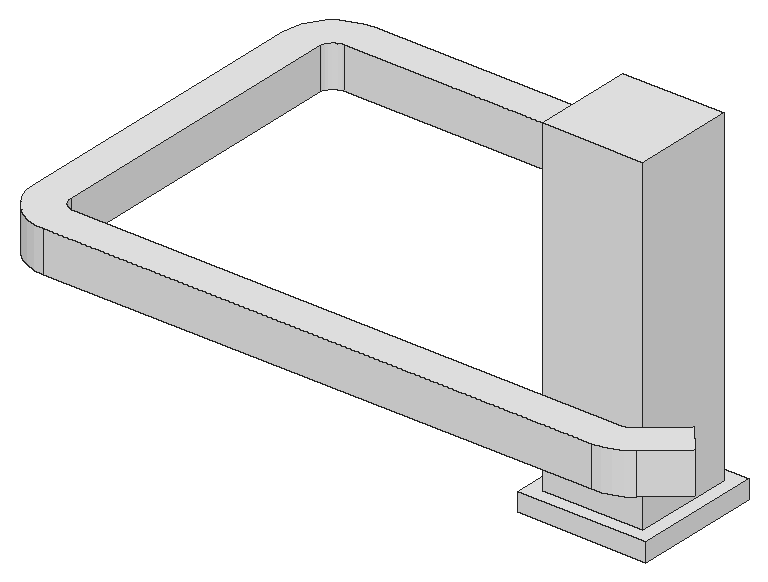
Revit family "Toilet Roll Holder-Single-Caroma Quatro", category Specialty Equipment, host Face, Revit 2013
Parameters (values of type "Standard")
  URL = "http://www.caroma.com.au/"
  Type Comments = "Caroma Quatro Toilet Roll Holder"  # constant formula
  ModifiedIssue_ANZRS = 1  # constant formula
  Model = "90732C"  # constant formula
  Material_ANZRS = Metal-Chrome-Caroma
  Manufacturer = "GWA Bathrooms & Kitchens"  # constant formula
  Length_ANZRS = 145 mm  # constant formula
  Description = ""
  Default Elevation = 500 mm
  CreatedBy_ANZRS = "Design Content"  # constant formula
  CreatedByURL_ANZRS = "www.designcontent.com.au"
  Cost = 0
  Assembly Code = "C1030200"
Reference planes
  plane 1 "Center (Elevation)": y = 0
  plane 2 "Back": z = 0
  plane 3 "Center (Left/Right)": x = 0
  plane 4 "Left": x = -71
  plane 5 "Right": x = 75
  plane 6 "Top": y = 13.966
  plane 7 "Bottom": y = -86.034
  plane 8 "Front": z = 76
Forms (mm)
  Sweep 1, solid, material "Metal-Chrome-Caroma" <- "Material_ANZRS"
    path origin (0, 0, 0) x (1, 0, 0) y (0, 1, 0)
      loop
        line (0, 0) -> (-60, 0)
        arc (-60, 0) -> (-64.95, -2.05) -> (-67, -7) r 7
        line (-67, -7) -> (-67, -75.034)
        arc (-67, -75.034) -> (-64.95, -79.984) -> (-60, -82.034) r 7
        line (-60, -82.034) -> (59.735, -82.034)
        arc (59.735, -82.034) -> (62.471, -81.552) -> (64.877, -80.162) r 8
        line (64.877, -80.162) -> (72.429, -73.826)
    profile origin (-30, 0, 0) x (0, -1, 0) y (0, 0, 1)
      loop
        line (-4, 71) -> (-4, 62) -> (4, 62) -> (4, 71) -> (-4, 71)
  Extrusion 2, solid, material "Metal-Chrome-Caroma" <- "Material_ANZRS"
    sketch origin (0, 0, 0) x (1, 0, 0) y (0, 1, 0)
      loop
        line (-14, 13.966) -> (-14, -14.034) -> (14, -14.034) -> (14, 13.966) -> (-14, 13.966)
    from 0 to 4
  Extrusion 3, solid, material "Metal-Chrome-Caroma" <- "Material_ANZRS"
    sketch origin (0, 0, 0) x (1, 0, 0) y (0, 1, 0)
      loop
        line (-11, 10.966) -> (-11, -11.034) -> (11, -11.034) -> (11, 10.966) -> (-11, 10.966)
    from 4 to 76
Cuts and joins
  joined: Sweep 1, Extrusion 2, Extrusion 3
Dimensions and locks
  plane 8 "Front" to level = 76 mm
  plane 4 "Left" to plane 3 "Center (Left/Right)" to plane 5 "Right" = 71 mm, 75 mm
  aligned and locked: plane 2 "Back" to host face
  aligned and locked: level to host face
